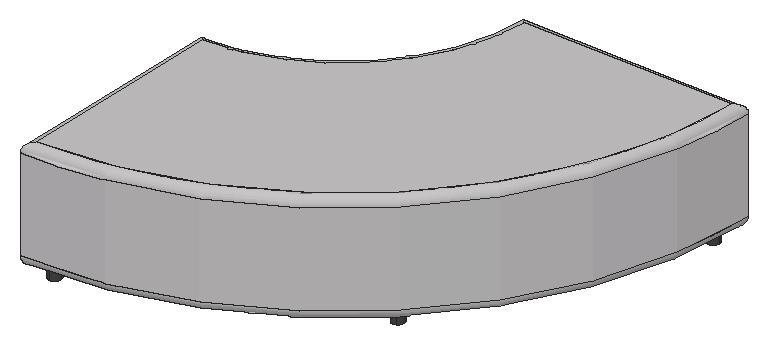
Revit family "FU_Chair_Sandler_ENTROPY_ENT0060TA", category Furniture, Revit 2020
Family settings
  OmniClass Number = 23.21.23.15.17
  Work Plane-Based = Yes
  Always vertical = No
  Cut with Voids When Loaded = No
  Shared = No
  Room Calculation Point = No
Parameters (values of type "ENTROPY ENT0060TA")
  Youtube clip = ""
  Width = 1136.000 mm
  Uniformat II Description = "Movable Furnishings"
  Uniformat II Code = ""
  Uniclass 2015 Name = ""
  Uniclass 2015 Code = ""
  Uniclass 2.0 Description = ""
  Uniclass 2.0 Code = ""
  Uniclass 1.4 Description = ""
  Uniclass 1.4 Code = ""
  UNSPSC Code = ""
  Technical description = ""
  Seat Material = Leather - Gaja - 60005
  Frame Material = Steel - Frame - Black
  Region South America = "All"
  Region Oceania = "All"
  Region North America = "All"
  Region Middle East = "All"
  Region Europe = "All"
  Region Asia = "All"
  Region Antarctica = "All"
  Region Africa = "All"
  QR code = ""
  Product url = "https://www.sandlerseating.com/product/ent0060ta/"
  Product name = ""
  Product group = "Chair"
  Product family = "Furniture"
  Product data url = "https://www.sandlerseating.com/product/ent0060ta/"
  Product certification = ""
  Product SKU = ""
  Product Guid = ""
  OmniClass Description = ""
  OmniClass Code = "23-21 23 15 17"
  NBS Reference Description = ""
  NBS Reference Code = ""
  Model = "ENTROPY ENT0060TA"
  Masterformat 2014 Description = "Chair Mats"
  Masterformat 2014 Code = "12 48 43.13"
  Manufacturer name = "Sandler"
  Manufacturer country = "UK"
  Manufacturer = "Sandler"
  Installation instructions = ""
  IFC Classification = "Furnishing Element"
  GTIN code = ""
  Edition number = 1
  Design country = "UK"
  Description = "Chair"
  Depth = 1180.000 mm
  Default Elevation = 0.000 mm
  Date of publishing = ""
  COBIe Type Category = ""
  Brand url = "https://www.sandlerseating.com/"
  BIMobject main category code = "furniture"
  BIMobject main category = "Furniture"
  BIMobject category code = "furniture-chair"
  BIMobject category = "Chair"
Reference planes
  plane 1 "Center Front/Back": y = 0
  plane 2: z = 0
  plane 3 "Center Left/Right": x = 0
  plane 4: z = 410
  plane 5: z = 40
  plane 6: x = 1356
  plane 7: through (0, 0, 1219.2) normal (0.866, 0.5, 0)
Forms (mm)
  Extrusion 1, solid, material "Steel - Frame - Black" <- "Frame Material"
    sketch origin (0, 0, 0) x (1, 0, 0) y (0, 1, 0)
      loop
        circle (662.5, -62.5) r 20
      loop
        circle (67.5, -667.5) r 20
      loop
        circle (1289.5, -62.5) r 20
      loop
        circle (62.5, -1289.5) r 20
      loop
        circle (473.216, -473.216) r 20
      loop
        circle (910.178, -910.178) r 20
    from 0 to 40
  Extrusion 2, solid, material "Leather - Gaja - 60005" <- "Seat Material"
    sketch origin (0, 0, 160) x (1, 0, 0) y (0, 1, 0)
      loop
        arc (600, 0) -> (424.264, -424.264) -> (0, -600) r 600
        line (0, -600) -> (0, -1356)
        arc (0, -1356) -> (958.837, -958.837) -> (1356, 0) r 1356
        line (1356, 0) -> (600, 0)
    from -120 to 250
  Sweep 3, void
    path in 3D
      loop
        arc (600, 0, 410) -> (424.264, -424.264, 410) -> (0, -600, 410) r 600
        line (0, -600, 410) -> (0, -1356, 410)
        arc (0, -1356, 410) -> (958.837, -958.837, 410) -> (1356, 0, 410) r 1356
        line (1356, 0, 410) -> (600, 0, 410)
    profile origin (978, 0, 410) x (0, -1, 0) y (0, 0, 1)
      loop
        line (0, 0) -> (0, -30)
        arc (0, -30) -> (8.787, -8.787) -> (30, 0) r 30
        line (30, 0) -> (0, 0)
      loop
        line (0, -370) -> (30, -370)
        arc (30, -370) -> (8.787, -361.213) -> (0, -340) r 30
        line (0, -340) -> (0, -370)
Cuts and joins
  Sweep 3 cuts Extrusion 2
Lines and regions (mm)
  sketch lines
    curve 1: line (1356, 0, 410) -> (600, 0, 410)
    curve 2: arc (1356, 0, 410) -> (958.837, -958.837, 410) -> (0, -1356, 410) r 1356
    curve 3: line (0, -600, 410) -> (0, -1356, 410)
    curve 4: arc (0, -600, 410) -> (424.264, -424.264, 410) -> (600, 0, 410) r 600
Dimensions and locks
  aligned and locked: level to plane 2
